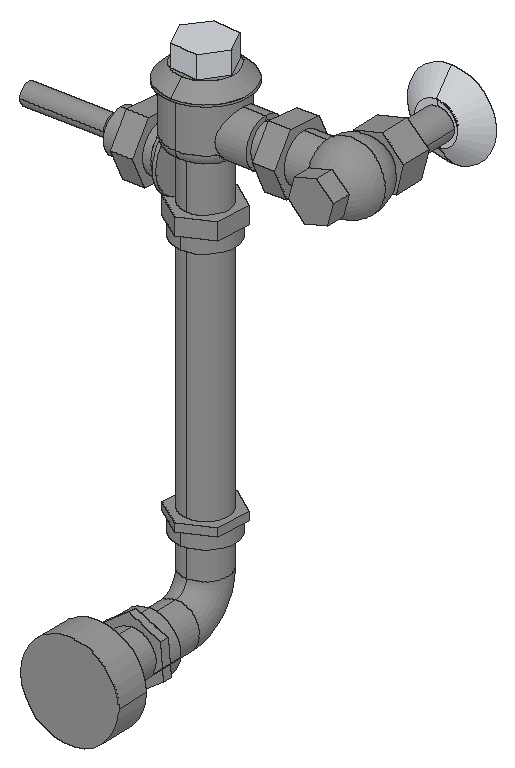
Revit family "WF6200000 Fluxor Expuesto Eisen II", category Modelos genéricos, Revit 2015
Reference planes
  plane 1 "Center (Front/Back)": y = 0
  plane 2: z = 0
  plane 3 "Center (Left/Right)": x = 0
Forms (mm)
  Sweep 1, solid, material "Fluxor Expuesto Leren II"
    path origin (0, 0, 0) x (0, 1, 0) y (0, 0, 1)
      loop
        line (-104.299, 13.932) -> (-104.299, 213.87)
    profile origin (0, -104.299, 113.901) x (0, -1, 0) y (1, 0, 0)
      loop
        circle (0, 0) r 19
  Sweep 2, solid, material "Fluxor Expuesto Leren II"
    path origin (0, 0, 199.938) x (0, 1, 0) y (0, 0, 1)
      loop
        line (-104.299, 13.932) -> (-104.299, 25.228)
    profile origin (0, -104.299, 219.518) x (0, -1, 0) y (1, 0, 0)
      loop
        circle (0, 0) r 25
  Sweep 3, solid, material "Fluxor Expuesto Leren II"
    path origin (0, 0, 211.234) x (0, 1, 0) y (0, 0, 1)
      loop
        line (-104.299, 13.932) -> (-104.299, 28.052)
    profile origin (0, -104.299, 232.226) x (0, -1, 0) y (1, 0, 0)
      loop
        line (16.558, 23.647) -> (-12.2, 26.163) -> (-28.758, 2.516) -> (-16.558, -23.647) -> (12.2, -26.163) -> (28.758, -2.516) -> (16.558, 23.647)
  Sweep 4, solid, material "Fluxor Expuesto Leren II"
    path origin (0, 0, -14.12) x (0, 1, 0) y (0, 0, 1)
      loop
        line (-104.299, 21.651) -> (-104.299, 28.052)
    profile origin (0, -104.299, 10.731) x (0, -1, 0) y (1, 0, 0)
      loop
        line (16.558, 23.647) -> (-12.2, 26.163) -> (-28.758, 2.516) -> (-16.558, -23.647) -> (12.2, -26.163) -> (28.758, -2.516) -> (16.558, 23.647)
  Sweep 5, solid, material "Fluxor Expuesto Leren II"
    path origin (0, 0, -17.697) x (0, 1, 0) y (0, 0, 1)
      loop
        line (-104.299, 13.932) -> (-104.299, 25.228)
    profile origin (0, -104.299, 1.883) x (0, -1, 0) y (1, 0, 0)
      loop
        circle (0, 0) r 25
  Sweep 6, solid, material "Fluxor Expuesto Leren II"
    path origin (0, 0, -217.635) x (0, 1, 0) y (0, 0, 1)
      loop
        line (-209.351, 157.202) -> (-134.299, 157.202)
        arc (-134.299, 157.202) -> (-113.086, 165.989) -> (-104.299, 187.202) r 30
        line (-104.299, 187.202) -> (-104.299, 213.87)
    profile origin (0, -104.299, -17.099) x (0, -1, 0) y (1, 0, 0)
      loop
        circle (0, 0) r 19
  Sweep 7, solid, material "Fluxor Expuesto Leren II"
    path origin (0, -186.948, -164.732) x (0, 0, -1) y (0, 1, 0)
      loop
        line (-104.299, 13.932) -> (-104.299, 25.228)
    profile origin (0, -167.368, -60.433) x (0, 0, 1) y (1, 0, 0)
      loop
        circle (0, 0) r 25
  Sweep 8, solid, material "Fluxor Expuesto Leren II"
    path origin (0, -201.068, -164.732) x (0, 0, -1) y (0, 1, 0)
      loop
        line (-104.299, 21.651) -> (-104.299, 28.052)
    profile origin (0, -176.217, -60.433) x (0, 0, 1) y (1, 0, 0)
      loop
        line (16.558, 23.647) -> (-12.2, 26.163) -> (-28.758, 2.516) -> (-16.558, -23.647) -> (12.2, -26.163) -> (28.758, -2.516) -> (16.558, 23.647)
  Sweep 9, solid, material "Fluxor Expuesto Leren II"
    path origin (0, -237.215, -164.732) x (0, 0, -1) y (0, 1, 0)
      loop
        line (-104.299, 21.651) -> (-104.299, 28.052)
    profile origin (0, -212.364, -60.433) x (0, 0, 1) y (1, 0, 0)
      loop
        line (16.558, 23.647) -> (-12.2, 26.163) -> (-28.758, 2.516) -> (-16.558, -23.647) -> (12.2, -26.163) -> (28.758, -2.516) -> (16.558, 23.647)
  Sweep 10, solid, material "Fluxor Expuesto Leren II"
    path origin (0, -243.616, -164.732) x (0, 0, -1) y (0, 1, 0)
      loop
        line (-104.299, 0) -> (-104.299, 28.052)
    profile origin (0, -229.59, -60.433) x (0, 0, 1) y (1, 0, 0)
      loop
        circle (0, 0) r 39.884
  Sweep 11, solid, material "Fluxor Expuesto Leren II"
    path origin (0, 0, 225.354) x (0, 1, 0) y (0, 0, 1)
      loop
        line (-104.299, 13.932) -> (-104.299, 70.788)
    profile origin (0, -104.299, 267.714) x (0, -1, 0) y (1, 0, 0)
      loop
        circle (0, 0) r 19
  Revolve 12, solid, material "Fluxor Expuesto Leren II"
    sketch origin (0, 0, -5) x (0, 1, 0) y (0, 0, 1)
      loop
        line (-128.804, 285.411) -> (-104.056, 285.411) -> (-104.056, 345.803) -> (-128.444, 345.803) -> (-139.641, 334.606) -> (-139.641, 332.775) -> (-134.641, 332.775) -> (-134.641, 294.071)
        arc (-134.641, 294.071) -> (-133.045, 288.849) -> (-128.804, 285.411) r 9.343
      axis (-104.056, 285.411) -> (-104.056, 345.803)
    angle from 0 to 360
  Revolve 13, solid, material "Fluxor Expuesto Leren II"
    sketch origin (0, -104.299, -5) x (1, 0, 0) y (0, 0, 1)
      loop
        line (-69.46, 271.387) -> (-69.46, 253.929) -> (-36.983, 253.929) -> (-36.983, 251.676) -> (-29.474, 251.676)
        arc (-29.474, 251.676) -> (-23.5, 249.201) -> (-21.026, 243.228) r 8.448
        line (-21.026, 243.228) -> (-18.095, 243.228) -> (-18.095, 271.387) -> (-69.46, 271.387)
      axis (-18.095, 271.387) -> (-69.46, 271.387)
    angle from 0 to 360
  Extrusion 14, solid, material "Fluxor Expuesto Leren II"
    sketch origin (0, 0, -5) x (0, 1, 0) y (0, 0, 1)
      loop
        circle (-104.299, 271.923) r 8.672
    from -145.49 to -76.594
  Extrusion 15, solid, material "Fluxor Expuesto Leren II"
    sketch origin (70, 0, -5) x (0, 1, 0) y (0, 0, 1)
      loop
        circle (-104.299, 271.923) r 7.5
    from -146.594 to -139.46
  Revolve 16, solid, material "Fluxor Expuesto Leren II"
    sketch origin (13.043, -104.299, 27.972) x (-1, 0, 0) y (0, 0, -1)
      loop
        line (-49.095, -271.387) -> (-5.084, -271.387) -> (-5.084, -251.676) -> (-36.517, -251.676) -> (-36.517, -255.43) -> (-49.095, -255.43) -> (-49.095, -271.387)
      axis (-5.084, -271.387) -> (-49.095, -271.387)
    angle from 0 to 360
  Sweep 17, solid, material "Fluxor Expuesto Leren II"
    path origin (48.104, 0, 298.654) x (1, 0, 0) y (0, 1, 0)
      loop
        line (13.932, -104.299) -> (31.911, -104.299)
    profile origin (71.025, -104.299, 298.654) x (0, 1, 0) y (0, 0, 1)
      loop
        line (-16.558, -23.647) -> (12.2, -26.163) -> (28.758, -2.516) -> (16.558, 23.647) -> (-12.2, 26.163) -> (-28.758, 2.516) -> (-16.558, -23.647)
  Sweep 18, solid, material "Fluxor Expuesto Leren II"
    path origin (0, -43.678, 194.027) x (0, 0, -1) y (0, 1, 0)
      loop
        line (-104.299, -93.74) -> (-104.299, 28.052)
    profile origin (0, -76.522, 298.326) x (0, 0, 1) y (1, 0, 0)
      loop
        circle (0.625, 119.945) r 13
  Sweep 19, solid, material "Fluxor Expuesto Leren II"
    path origin (0, -83.208, 194.027) x (0, 0, -1) y (0, 1, 0)
      loop
        line (-104.299, 3.052) -> (-104.299, 28.052)
    profile origin (0, -67.656, 298.326) x (0, 0, 1) y (1, 0, 0)
      loop
        line (18.226, 102.343) -> (24.669, 126.387) -> (7.068, 143.989) -> (-16.976, 137.546) -> (-23.419, 113.502) -> (-5.818, 95.901) -> (18.226, 102.343)
  Sweep 20, solid, material "Fluxor Expuesto Leren II"
    path origin (0, -165.469, 194.027) x (0, 0, -1) y (0, 1, 0)
      loop
        line (-104.299, 19.877) -> (-104.299, 34.877)
    profile origin (0, -138.092, 298.326) x (0, 0, 1) y (1, 0, 0)
      loop
        line (14.144, 106.426) -> (19.092, 124.893) -> (5.573, 138.412) -> (-12.894, 133.464) -> (-17.842, 114.997) -> (-4.323, 101.478) -> (14.144, 106.426)
  Revolve 21, solid, material "Fluxor Expuesto Leren II"
    sketch origin (74.931, -104.299, 27.972) x (-1, 0, 0) y (0, 0, -1)
      loop
        line (-73.042, -271.387) -> (-5.084, -271.387) -> (-5.084, -251.676) -> (-24.689, -251.676)
        arc (-24.689, -251.676) -> (-55.596, -245.023) -> (-73.042, -271.387) r 28.031
      axis (-5.084, -271.387) -> (-73.042, -271.387)
    angle from 0 to 360
  Sweep 22, solid, material "Fluxor Expuesto Leren II"
    path origin (-68.373, 0, 266.764) x (1, 0, 0) y (0, 1, 0)
      loop
        line (13.932, -104.299) -> (31.911, -104.299)
    profile origin (-45.452, -104.299, 266.764) x (0, 1, 0) y (0, 0, 1)
      loop
        line (-16.558, -23.647) -> (12.2, -26.163) -> (28.758, -2.516) -> (16.558, 23.647) -> (-12.2, 26.163) -> (-28.758, 2.516) -> (-16.558, -23.647)
  Extrusion 23, solid
    sketch origin (-1660.666, 1780.846, 402.199) x (1, 0, 0) y (0, 1, 0)
      loop
        line (1673.912, -1866.228) -> (1650.906, -1864.215) -> (1637.66, -1883.133) -> (1647.42, -1904.063) -> (1670.426, -1906.076) -> (1683.672, -1887.158) -> (1673.912, -1866.228)
    from -61.396 to -42.987
  Revolve 24, solid
    sketch origin (118.877, 0, -0.625) x (0, 1, 0) y (0, 0, 1)
      loop
        line (-15.626, 299.576) -> (0, 299.576) -> (0, 335.673) -> (-15.626, 317.187) -> (-15.626, 299.576)
      axis (0, 299.576) -> (-15.626, 299.576)
    angle from 0 to 360
Dimensions and locks
  aligned and locked: level to plane 2
